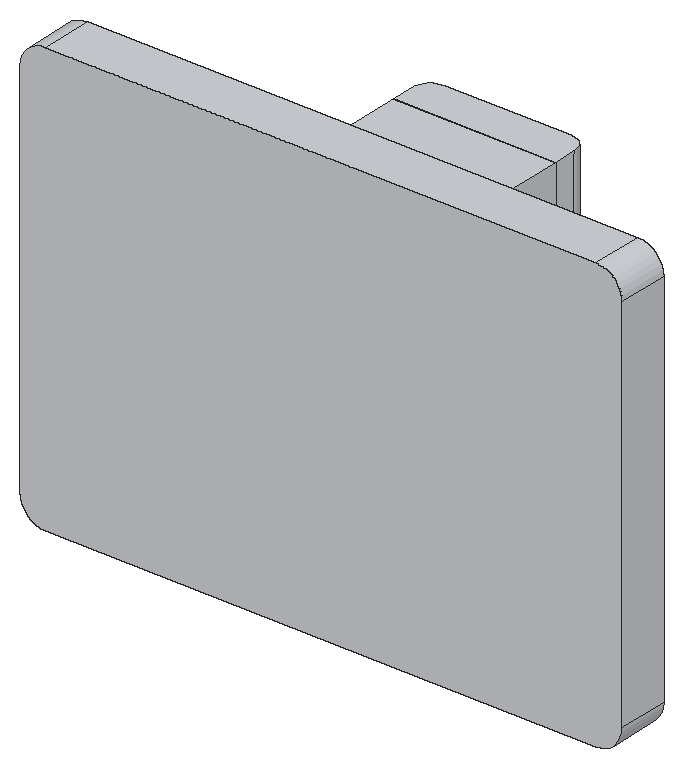
Revit family "Domotics-DomesticRanges-GEWISS-27COMBI_SYSTEM-IP44_SOCKET_OUTLETS_IEC309", category Modelli generici, host Muro, Revit 2016
Family settings
  Host = Muro
  Tipo di parte = Normale
  Può ospitare armatura = No
  Quota connettore circolare = Usa diametro
  Sempre verticale = Sì
  Taglio con vuoti quando caricato = No
  Condiviso = No
  Punto di calcolo locali = No
Parameters (values of type "GW26421 - 16a 3P+E 380V IEC309 socket outlet")
  leva = none
  Version file RFA = "18.0"
  URL = "https://www.gewiss.com/ww/en"
  Thermo-pressure with ball = "70 °C"
  Technical sheet = "https://www.gewiss.com/ww/en/search?q=GW26421"
  Standard = "IEC 309"
  Reference h = "6"
  Realized by GEWISS S.p.A. = ""
  Rated voltage = "400V ac"
  Rated current (In) = "16"
  Profondità = 45 mm  # constant formula
  Produttore = "GEWISS S.p.A."
  Outer dim. LxHxD (mm) = "116x90x45"
  Number of poles = "3P+E"
  Modello = "GW26421"
  Larghezza = 116 mm  # constant formula
  Insulation class = "II"
  Installation temperature = "-25 +60 °C"
  Immagine tipo = GW26421.jpg
  IP degree = "IP44"
  IFC.TypeObject = ""
  IFC.ExportType = ""
  IFC.ExportAs = ""
  IDT = "f00df10a-2b06-41cb-b6d5-a9cceb99cd24"
  IDF = "b8e11bee-75b0-43ea-8ef5-5655e11cbaa8"
  Glow Wire Test = "650°C"
  Finitura = none
  Electrocod = "2210                "
  EAN code = "8011564025431"
  Descrizione = "16A 3P+E 380V IEC309 SOCKET OUTLET"
  Colour = "Grey RAL 7035"
  Catalogue Range = "27COMBI"
  Catalogue = "DOMOTICS"
  COBie.Tagnumber = ""
  COBie.CreatedOn = ""
  COBie.CreatebBy = ""
  COBie.ComponentRegisterItemID = ""
  COBie.Component.TagNumber = ""
  COBie.Component.Space = ""
  COBie.Component.SerialNumber = ""
  COBie.Component.InstallationDate = ""
  COBie.Component.Description = ""
  COBie.Component.BarCode = ""
  Altezza = 83.5 mm  # constant formula
Types (2, lengths in mm): name | Technical sheet | Rated voltage | Number of poles | Modello | Immagine tipo | IDT | EAN code | Descrizione
  GW26420 - 16a 2P+E 220V IEC309 socket outlet | "https://www.gewiss.com/ww/en/search?q=GW26420" | "230V ac" | "2P+E" | "GW26420" | GW26420.jpg | "0288dd46-576d-47a2-b780-b324baf76976" | "8011564025448" | "16A 2P+E 220V IEC309 SOCKET OUTLET"
  GW26421 - 16a 3P+E 380V IEC309 socket outlet | "https://www.gewiss.com/ww/en/search?q=GW26421" | "400V ac" | "3P+E" | "GW26421" | GW26421.jpg | "f00df10a-2b06-41cb-b6d5-a9cceb99cd24" | "8011564025431" | "16A 3P+E 380V IEC309 SOCKET OUTLET"
Reference planes
  plane 1 "Muro": y = 0
  plane 2 "Centro (Sinistra/Destra)": x = 125
  plane 3 "Indietro": y = 75
  plane 4: x = 183
  plane 5: x = 67
  plane 6: y = 85
  plane 7: z = 853.804
  plane 8: z = 770.304
  plane 9: y = 112
  plane 10: y = 120
  plane 11: z = 841.804
  plane 12: z = 782.304
Forms (mm)
  Extrusion 1, solid, material <- "Finitura"
    sketch origin (0, 0, 0) x (1, 0, 0) y (0, 0, 1)
      loop
        line (178, 853.804) -> (72, 853.804)
        arc (72, 853.804) -> (68.464, 852.34) -> (67, 848.804) r 5
        line (67, 848.804) -> (67, 775.304)
        arc (67, 775.304) -> (68.464, 771.769) -> (72, 770.304) r 5
        line (72, 770.304) -> (178, 770.304)
        arc (178, 770.304) -> (181.536, 771.769) -> (183, 775.304) r 5
        line (183, 775.304) -> (183, 848.804)
        arc (183, 848.804) -> (181.536, 852.34) -> (178, 853.804) r 5
    from -85 to -75
  Extrusion 2, solid, material <- "leva"
    sketch origin (0.974, 0, 0) x (1, 0, 0) y (0, 0, 1)
      loop
        line (139.676, 841.804) -> (108.377, 841.804) -> (108.377, 827.31)
        arc (108.377, 827.31) -> (101.369, 810.572) -> (108.375, 793.833) r 23.495
        arc (108.375, 793.833) -> (111.752, 785.681) -> (119.904, 782.304) r 11.529
        line (119.904, 782.304) -> (128.174, 782.304)
        arc (128.174, 782.304) -> (136.307, 785.673) -> (139.676, 793.806) r 11.502
        arc (139.676, 793.806) -> (146.691, 810.557) -> (139.676, 827.308) r 23.507
        line (139.676, 827.308) -> (139.676, 841.804)
    from -112 to -85
  Extrusion 3, solid, material <- "leva"
    sketch origin (0.974, -75, 0) x (1, 0, 0) y (0, 0, 1)
      loop
        line (139.675, 841.804) -> (108.373, 841.804) -> (108.373, 793.836)
        arc (108.373, 793.836) -> (111.751, 785.682) -> (119.905, 782.304) r 11.532
        line (119.905, 782.304) -> (128.175, 782.304)
        arc (128.175, 782.304) -> (136.306, 785.672) -> (139.675, 793.804) r 11.5
        line (139.675, 793.804) -> (139.675, 841.804)
    from -195 to -187
  Extrusion 4, void
    sketch origin (4.347, 0, 0) x (1, 0, 0) y (0, 1, 0)
      loop
        line (108.559, 120) -> (132.743, 120)
        arc (132.743, 120) -> (135.259, 118.958) -> (136.302, 116.441) r 3.559
        line (136.302, 116.441) -> (141.302, 116.441) -> (141.302, 128.994) -> (100, 128.994) -> (100, 116.441) -> (105, 116.441)
        arc (105, 116.441) -> (106.042, 118.958) -> (108.559, 120) r 3.559
    from 782.304 to 841.804
Cuts and joins
  Extrusion 4 cuts Extrusion 3
Text (mm)
  text "Lato posizionamento" at (-1848.837, 1116.779, 0), in view "Livello rif."
  text "Lato posizionamento" at (0, 1409.804, 2854.306), in view "Sinistra"
  text "Lato posizionamento" at (0, 499.811, 2980.732), in view "Destra"
Dimensions and locks
  locked: plane 3 "Indietro" to host wall
  locked: plane 6 to plane 3 "Indietro" at 10
  "Altezza": plane 8 to plane 7
  "Larghezza": plane 5 to plane 4
  equal spacing: plane 5, plane 2 "Centro (Sinistra/Destra)", plane 4
  locked: plane 9 to plane 6 at 27
  "Profondità": plane 10 to plane 3 "Indietro"
  locked: plane 11 to plane 7 at 12
  locked: plane 8 to plane 12 at 12
  aligned and locked: plane 1 "Muro" to host wall
  aligned and locked: plane 3 "Indietro" to Extrusion 1
  aligned and locked: plane 6 to Extrusion 1
  aligned and locked: Extrusion 1 sketch curve to plane 4
  aligned and locked: plane 5 to Extrusion 1 sketch curve
  aligned and locked: Extrusion 2 to plane 6
  aligned and locked: plane 9 to Extrusion 2
  aligned and locked: Extrusion 3 to plane 9
  aligned and locked: plane 10 to Extrusion 3
  aligned and locked: Extrusion 4 to Extrusion 3  (x2)
  aligned and locked: Extrusion 4 to Extrusion 2  (x2)
  aligned and locked: Extrusion 3 to Extrusion 2  (x2)
  aligned and locked: plane 11 to Extrusion 2
  aligned and locked: Extrusion 3 to plane 12
Automatic sketch dimensions
  Extrusion 1 sketch curve to plane 8 = 0 mm
  Extrusion 1 sketch curve to plane 7 = 0 mm
  Extrusion 1 sketch curve to plane 5 = 5 mm  (x2)
  plane 4 to Extrusion 1 sketch curve = 5 mm
  Extrusion 1 sketch curve to Extrusion 1 sketch curve = 5 mm
  Extrusion 3 sketch curve to plane 2 "Centro (Sinistra/Destra)" = 15.653 mm
  Extrusion 3 sketch curve to plane 2 "Centro (Sinistra/Destra)" = 4.121 mm
  plane 2 "Centro (Sinistra/Destra)" to Extrusion 3 sketch curve = 4.148 mm
  plane 2 "Centro (Sinistra/Destra)" to Extrusion 3 sketch curve = 15.648 mm
  plane 8 to Extrusion 3 sketch curve = 12 mm
  Extrusion 3 sketch curve to plane 7 = 12 mm
  Extrusion 2 sketch curve to plane 2 "Centro (Sinistra/Destra)" = 4.123 mm
  Extrusion 2 sketch curve to plane 2 "Centro (Sinistra/Destra)" = 0.843 mm
  plane 2 "Centro (Sinistra/Destra)" to Extrusion 2 sketch curve = 4.148 mm
  plane 2 "Centro (Sinistra/Destra)" to Extrusion 2 sketch curve = 0.838 mm
  plane 2 "Centro (Sinistra/Destra)" to Extrusion 2 sketch curve = 15.649 mm
  plane 8 to Extrusion 2 sketch curve = 12 mm
  Extrusion 2 sketch curve to Extrusion 2 sketch curve = 11.502 mm
  Extrusion 2 sketch curve to Extrusion 2 sketch curve = 0.027 mm
  Extrusion 2 sketch curve to Extrusion 2 sketch curve = 16.724 mm
  Extrusion 2 sketch curve to Extrusion 2 sketch curve = 0.013 mm
  Extrusion 2 sketch curve to Extrusion 2 sketch curve = 16.753 mm
  Extrusion 2 sketch curve to plane 7 = 12 mm
  plane 10 to Extrusion 4 sketch curve = 0 mm
  plane 10 to Extrusion 4 sketch curve = 8.994 mm
  Extrusion 4 sketch curve to plane 2 "Centro (Sinistra/Destra)" = 20.653 mm
  Extrusion 4 sketch curve to Extrusion 4 sketch curve = 5 mm
  Extrusion 4 sketch curve to Extrusion 4 sketch curve = 3.559 mm  (x2)
  plane 2 "Centro (Sinistra/Destra)" to Extrusion 4 sketch curve = 12.09 mm
  Extrusion 4 sketch curve to Extrusion 4 sketch curve = 8.559 mm
